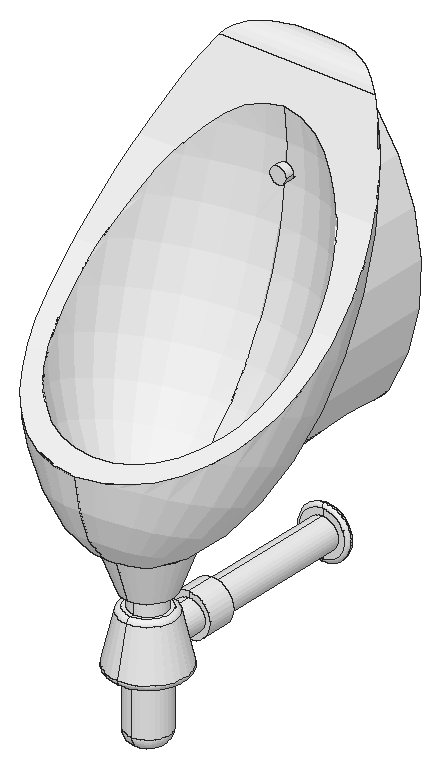
Revit family
Parameters
  Material Fittings = Metal - Chrome Polished
  Material Bowl = Porcelain
Reference planes
  plane 1 "Center (Front/Back)": y = 0
  plane 2: z = 0
  plane 3 "Center (Left/Right)": x = 0
  plane 4: z = 485
  plane 5: z = 915
  plane 6: x = -152.5
  plane 7: x = 152.5
  plane 8: y = -375
  plane 9: y = -195
  plane 10: z = 610
  plane 11: through (0, -54.537, 1048.369) normal (0, 0.9205, -0.3907)
  plane 12: z = 278.122
  plane 13: z = 359.06
  plane 14: z = 425
  plane 15: z = 397.883
  plane 16: z = 387.883
Forms (mm)
  Revolve 1, solid, material "Porcelain" <- "Material Bowl"
    sketch origin (0, -20, 0) x (0, 1, 0) y (0, 0, 1)
      loop
        spline (-54.537, 1048.369) -> (-96.699, 1055.025) -> (-144.074, 1042.178) -> (-193.433, 1010.703) -> (-241.412, 962.746) -> (-284.742, 901.575) -> (-320.47, 831.358) -> (-346.161, 756.881) -> (-360.065, 683.218) -> (-361.233, 615.391) -> (-349.586, 558.021) -> (-325.918, 515.018) -> (-291.842, 489.313)
        line (-291.842, 489.313) -> (-54.537, 1048.369)
      axis (-291.842, 489.313) -> (-54.537, 1048.369)
    angle from 0 to 360
  Extrusion 2, void
    sketch origin (0, -20, 0) x (0, -1, 0) y (0, 0, 1)
      loop
        arc (401.841, 601.612) -> (379.518, 870.74) -> (195, 1067.922) r 411.009
        arc (195, 1067.922) -> (40.496, 1060.379) -> (-27.733, 921.552) r 152.318
        arc (-27.733, 921.552) -> (-0.051, 932.104) -> (24.138, 915) r 31.485
        arc (24.138, 915) -> (180.189, 718.774) -> (401.841, 601.612) r 611.832
    from 203.13 to -218.131
  Extrusion 3, solid, material "Porcelain" <- "Material Bowl"
    sketch origin (0, -20, 0) x (0, 1, 0) y (0, 0, 1)
      loop
        arc (17.389, 969.362) -> (-72.122, 726.39) -> (-208.471, 506.262) r 1286.617
        arc (-208.471, 506.262) -> (-103.27, 565.354) -> (17.389, 564.362) r 234.673
        line (17.389, 564.362) -> (17.389, 969.362)
    from 152.5 to -152.5
  Extrusion 4, void
    sketch origin (0, 0, 0) x (1, 0, 0) y (0, 0, 1)
      loop
        line (-152.5, 969.362) -> (-152.5, 400) -> (152.5, 400) -> (152.5, 969.362) -> (-152.5, 969.362)
      loop
        arc (-22.5, 915) -> (-114.11, 752.328) -> (-77.252, 569.309) r 267.97
        arc (-77.252, 569.309) -> (-44.246, 535.894) -> (0, 520.135) r 105.397
        arc (0, 520.135) -> (44.246, 535.894) -> (77.252, 569.309) r 105.397
        arc (77.252, 569.309) -> (114.11, 752.328) -> (22.5, 915) r 267.97
        line (22.5, 915) -> (-22.5, 915)
    from 250.92 to -160
  Revolve 5, void
    sketch origin (0, -20, 0) x (0, 1, 0) y (0, 0, 1)
      loop
        spline (-111.757, 977.334) -> (-147.456, 980.977) -> (-186.047, 968.907) -> (-224.901, 941.948) -> (-261.369, 901.935) -> (-292.965, 851.596) -> (-317.538, 794.361) -> (-333.412, 734.131) -> (-339.505, 675.01) -> (-335.402, 621.028) -> (-321.383, 575.863) -> (-298.404, 542.593) -> (-268.029, 523.485)
        line (-268.029, 523.485) -> (-111.757, 977.334)
      axis (-268.029, 523.485) -> (-111.757, 977.334)
    angle from 0 to 360
  Extrusion 6, void
    sketch origin (0, -75, 0) x (1, 0, 0) y (0, 1, 0)
      loop
        circle (0, -195) r 20
    from 610 to 458.097
  Revolve 7, solid, material "Metal - Chrome Polished" <- "Material Fittings"
    sketch origin (0, -20, 0) x (0, 1, 0) y (0, 0, 1)
      loop
        arc (-250, 484.253) -> (-275.841, 484.344) -> (-299.107, 495.59) r 58.331
        line (-299.107, 495.59) -> (-280.296, 443.907) -> (-271.091, 440) -> (-271.091, 425) -> (-275.866, 425)
        arc (-275.866, 425) -> (-279.955, 423.572) -> (-282.267, 419.908) r 6.569
        line (-282.267, 419.908) -> (-295.319, 363.37)
        arc (-295.319, 363.37) -> (-294.842, 359.86) -> (-292.158, 357.547) r 5
        line (-292.158, 357.547) -> (-280, 353.122) -> (-275, 353.122) -> (-275, 293.122)
        arc (-275, 293.122) -> (-270.607, 282.516) -> (-260, 278.122) r 15
        line (-260, 278.122) -> (-250, 278.122) -> (-250, 484.253)
      axis (-250, 495.59) -> (-250, 278.122)
    angle from 0 to 360
  Revolve 8, solid, material "Metal - Chrome Polished" <- "Material Fittings"
    sketch origin (0, -20, 0) x (0, 1, 0) y (0, 0, 1)
      loop
        line (-217.185, 406.883) -> (-217.185, 387.883) -> (20, 387.883) -> (20, 419.486) -> (18.46, 419.486)
        arc (18.46, 419.486) -> (15.631, 418.315) -> (14.46, 415.486) r 4
        line (14.46, 415.486) -> (14.46, 406.883) -> (-152.915, 406.883) -> (-152.915, 413.895) -> (-187.915, 413.895) -> (-187.915, 406.883) -> (-217.185, 406.883)
      axis (-217.185, 387.883) -> (20, 387.883)
    angle from 0 to 360
  Extrusion 9, solid, material "Metal - Chrome Polished" <- "Material Fittings"
    sketch origin (0, 0, -50) x (1, 0, 0) y (0, 0, 1)
      loop
        circle (0, 856.701) r 10
    from 72.743 to 0
Cuts and joins
  Extrusion 2, Revolve 5, Extrusion 6 cuts Revolve 1
  Extrusion 4, Revolve 5, Extrusion 6 cuts Extrusion 3
  joined: Revolve 1, Extrusion 3
  joined: Revolve 7, Revolve 8
Lines and regions (mm)
  symbolic lines
    curve 1: spline (-152.5, -195, 0) -> (-147.304, -243.189, 0) -> (-132.069, -288.094, 0) -> (-107.834, -326.654, 0) -> (-76.25, -356.243, 0) -> (-39.47, -374.843, 0) -> (0, -381.187, 0) -> (39.47, -374.843, 0) -> (76.25, -356.243, 0) -> (107.834, -326.654, 0) -> (132.069, -288.094, 0) -> (147.304, -243.189, 0) -> (152.5, -195, 0)
    curve 2: arc (-117.409, -2.611, 0) -> (-143.655, -97.219, 0) -> (-152.5, -195, 0) r 544.934
    curve 3: arc (152.5, -195, 0) -> (143.655, -97.219, 0) -> (117.409, -2.611, 0) r 544.934
    curve 4: line (-117.409, -2.611, 0) -> (117.409, -2.611, 0)
    curve 5: spline (-132.5, -195, 0) -> (-127.985, -237.705, 0) -> (-114.748, -277.5, 0) -> (-93.692, -311.673, 0) -> (-66.25, -337.894, 0) -> (-34.294, -354.378, 0) -> (0, -360, 0) -> (34.294, -354.378, 0) -> (66.25, -337.894, 0) -> (93.692, -311.673, 0) -> (114.748, -277.5, 0) -> (127.985, -237.705, 0) -> (132.5, -195, 0)
    curve 6: spline (-132.5, -195, 0) -> (-127.985, -161.128, 0) -> (-114.748, -129.564, 0) -> (-93.692, -102.46, 0) -> (-66.25, -81.662, 0) -> (-34.294, -68.588, 0) -> (0, -64.129, 0) -> (34.294, -68.588, 0) -> (66.25, -81.662, 0) -> (93.692, -102.46, 0) -> (114.748, -129.564, 0) -> (127.985, -161.128, 0) -> (132.5, -195, 0)
    curve 7: circle (0, -268.265, 0) r 15 normal (0, 0, 1)
Dimensions and locks
  aligned and locked: plane 6 to Extrusion 3
  aligned and locked: Extrusion 3 to plane 7
  aligned and locked: plane 1 "Center (Front/Back)" to Revolve 8 sketch curve
  aligned and locked: Extrusion 9 to plane 1 "Center (Front/Back)"
